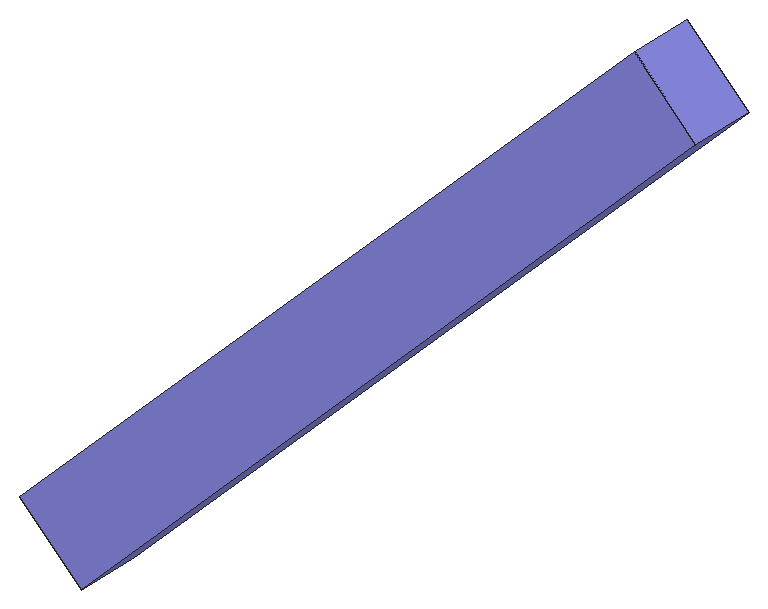
Revit family "配管サポート_不等辺山形鋼 1", category Generic Models, Revit 2020
Family settings
  Can host rebar = No
  Round Connector Dimension = Use Diameter
  Part Type = Normal
  Work Plane-Based = Yes
  Always vertical = No
  Cut with Voids When Loaded = No
  Shared = No
  Room Calculation Point = No
Parameters (values of type "L 100 x 75")
  高さ = 100 mm
  長辺 [instance] = 長さ  # 1000 mm
  長さ [instance] = 1000 mm
  部屋名 = ""
  角度 [instance] = 45.00°
  Default Elevation = 1219.2 mm
  構造マテリアル = E102_配管サポート
  幅 = 75 mm
Types (6, lengths in mm): name | 高さ | 幅
  L 100 x 75 | 100 | 75
  L 125 x 75 | 125 | 75
  L 125 x 90 | 125 | 90
  L 150 x 100 | 150 | 100
  L 150 x 90 | 150 | 90
  L 90 x 75 | 90 | 75
Reference planes
  plane 1 "中心(正面/背面)": y = 0
  plane 2: z = 0
  plane 3 "中心(左/右)": x = 0
Lines and regions (mm)
  reference lines
    curve 1: line (0, 0, 0) -> (848.528, 0, 848.528)
    curve 2: line (35.355, 0, -35.355) -> (-35.355, 0, 35.355)
    curve 3: line (742.462, 0, 671.751) -> (671.751, 0, 742.462)
Dimensions and locks
  equal spacing: curve 2, curve 1, curve 2
  "高さ": curve 2 to curve 2
  equal spacing: curve 3, curve 1, curve 3
  "高さ": curve 3 to curve 3
  "長さ": curve 2 to curve 3
  "角度": angle level to curve 1
  angle curve 2 to curve 1 = 90.00°
  angle curve 3 to curve 1 = 90.00°
  aligned and locked: level to plane 2
  aligned and locked: level to curve 1
  aligned and locked: plane 3 "中心(左/右)" to curve 1
  aligned and locked: curve 2 to nested 1
Nested families
  nested 1: "グレーチング_不等辺山形鋼" at (-35.355, 0, 35.355) x (0, 1, 0) z (0.7071, 0, -0.7071), 長さ <- "長さ", type "L 90 x 75"
    with 長辺 1000 mm, 長さ 1000 mm, 高さ 100 mm
Definition of nested family "グレーチング_不等辺山形鋼"
  Parameters (values of type "L 125 x 75")
    高さ = 125 mm
    長辺 [instance] = 長さ  # 1000 mm
    長さ [instance] = 1000 mm
    部屋名 = ""
    Default Elevation = 1219.2 mm
    構造マテリアル = none
    幅 = 75 mm
  Types (6, lengths in mm): name | 高さ | 幅
    L 90 x 75 | 90 | 75
    L 100 x 75 | 100 | 75
    L 125 x 75 | 125 | 75
    L 125 x 90 | 125 | 90
    L 150 x 90 | 150 | 90
    L 150 x 100 | 150 | 100
  Reference planes
    plane 1 "中心(正面/背面)": y = 0
    plane 2: z = 0
    plane 3 "中心(左/右)": x = 0
    plane 4: z = 125
    plane 5: z = 62.5
  Forms (mm)
    Extrusion 1, solid, material <- "構造マテリアル"
      sketch origin (0, 0, 0) x (1, 0, 0) y (0, 1, 0)
        loop
          line (-37.5, 1000) -> (-37.5, 0) -> (37.5, 0) -> (37.5, 1000) -> (-37.5, 1000)
      from 0 to 125
  Lines and regions (mm)
    reference lines
      curve 1: line (37.5, 1000, 0) -> (-37.5, 1000, 0)
      curve 2: line (37.5, 0, 0) -> (-37.5, 0, 0)
  Dimensions and locks
    "長さ": curve 1 to curve 2
    "幅": Extrusion 1 to Extrusion 1
    equal spacing: Extrusion 1, plane 3 "中心(左/右)", Extrusion 1
    "幅": curve 1 to curve 1
    equal spacing: curve 1, plane 3 "中心(左/右)", curve 1
    "幅": curve 2 to curve 2
    equal spacing: curve 2, plane 3 "中心(左/右)", curve 2
    equal spacing: plane 4, plane 5, level
    "高さ": plane 4 to level
    aligned and locked: level to plane 2
    aligned and locked: Extrusion 1 to curve 2
    aligned and locked: curve 1 to Extrusion 1
    aligned and locked: plane 4 to Extrusion 1
  Automatic sketch dimensions
    Extrusion 1 sketch curve to plane 3 "中心(左/右)" = 37.5 mm
    plane 3 "中心(左/右)" to Extrusion 1 sketch curve = 37.5 mm
    plane 1 "中心(正面/背面)" to Extrusion 1 sketch curve = 0 mm
    Extrusion 1 sketch curve to plane 1 "中心(正面/背面)" = 1000 mm
    plane 1 "中心(正面/背面)" to curve 2 = 0 mm
